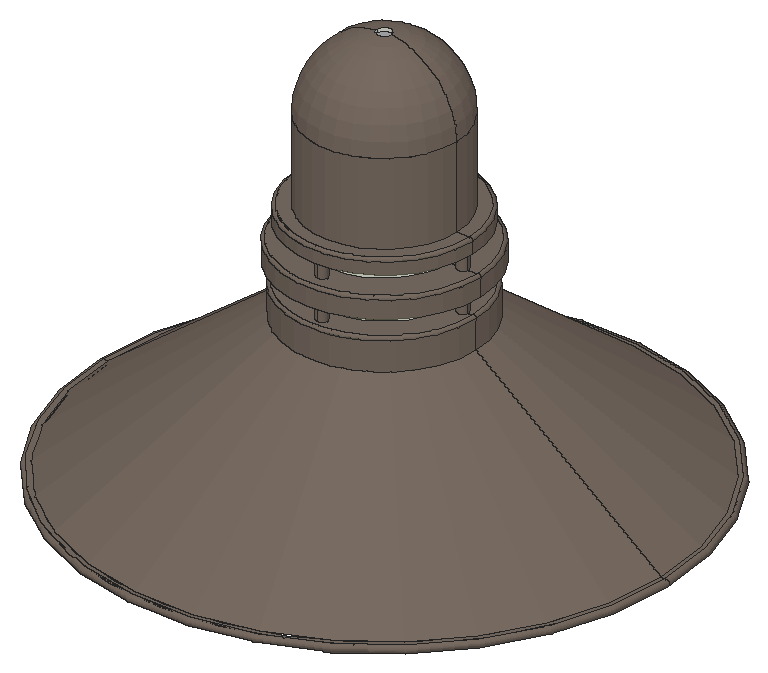
Revit family "L220 SHADE", category Lighting Fixtures, Revit 2024
Family settings
  Round Connector Dimension = Use Diameter
  Part Type = Normal
  OmniClass Number = 23.80.70.00
  OmniClass Title = Lighting
  Work Plane-Based = No
  Always vertical = Yes
  Cut with Voids When Loaded = No
  Light Source = Yes
  Maintain Annotation Orientation = No
  Shared = No
  Room Calculation Point = No
Parameters
  Wattage = 12.1178 W
  built-in parameter 1150110 = 1 (stored number, unit not read)
  built-in parameter 1114217 = 1 (stored number, unit not read)
  built-in parameter 1150109 = 1 (stored number, unit not read)
  built-in parameter 1150134 = (empty or 0)
  built-in parameter 1150113 = 1 (stored number, unit not read)
  Lumens = 1800 lm
  built-in parameter 1150115 = 1 (stored number, unit not read)
  built-in parameter 1150105 = 572.96 (stored number, unit not read)
  Light Source Symbol Size = 2' - 0"
  built-in parameter 1150137 = (empty or 0)
  built-in parameter 1150139 = (empty or 0)
  built-in parameter 1150112 = 1 (stored number, unit not read)
  built-in parameter 1150114 = 1 (stored number, unit not read)
  built-in parameter 1150132 = 2
  built-in parameter 1150102 = (empty or 0)
  built-in parameter 1150138 = (empty or 0)
  built-in parameter 1150107 = 3000 (stored number, unit not read)
  built-in parameter 1150106 = 5.7296 (stored number, unit not read)
  built-in parameter 1150104 = 13.8 (stored number, unit not read)
  Dimming Lamp Color Temperature Shift = (empty or 0)
  Default Elevation = 0' - 0"
  Color Filter = 16777215
  built-in parameter 1114218 = 1 (stored number, unit not read)
  built-in parameter 1150133 = 10 (stored number, unit not read)
Reference planes (in)
  plane 1 "Light Source Axis (F/B)": y = 0
  plane 2: z = 0
  plane 3 "Light Source Axis (L/R)": x = 0
  plane 4 "Light Source Elevation": z = 54
Forms (in)
  Revolve 1, solid
    sketch origin (0, 0, 0) x (1, 0, 0) y (0, 0, 1)
      loop
        line (-3.22625, 59.11336) -> (-9.70839, 54.25) -> (-9.875, 54.25)
        arc (-9.875, 54.25) -> (-9.97194, 54.04609) -> (-9.7526, 54.09963) r 0.125
        line (-9.7526, 54.09963) -> (-3.1325, 59.0665) -> (-3.1325, 60.09834) -> (-2.3099, 60.09834) -> (-2.3099, 60.19209) -> (-3.12625, 60.19209)
        arc (-3.12625, 60.19209) -> (-3.19696, 60.1628) -> (-3.22625, 60.09209) r 0.1
        line (-3.22625, 60.09209) -> (-3.22625, 59.11336)
      loop
        line (-3.38733, 60.85295) -> (-3.29358, 60.85295) -> (-3.29358, 61.4592) -> (-2.3099, 61.4592) -> (-2.3099, 61.55295) -> (-3.28733, 61.55295)
        arc (-3.28733, 61.55295) -> (-3.35804, 61.52366) -> (-3.38733, 61.45295) r 0.1
        line (-3.38733, 61.45295) -> (-3.38733, 60.85295)
      loop
        line (-3.1, 62.09583) -> (-3.00625, 62.09583) -> (-3.00625, 62.50208) -> (-2.45625, 62.50208) -> (-2.45625, 65.45)
        arc (-2.45625, 65.45) -> (-1.82308, 67.09607) -> (-0.25, 67.89349) r 2.45625
        line (-0.25, 67.89349) -> (-0.25, 67.98772)
        arc (-0.25, 67.98772) -> (-1.88944, 67.16245) -> (-2.55, 65.45) r 2.55
        line (-2.55, 65.45) -> (-2.55, 62.59583) -> (-3, 62.59583)
        arc (-3, 62.59583) -> (-3.07071, 62.56654) -> (-3.1, 62.49583) r 0.1
        line (-3.1, 62.49583) -> (-3.1, 62.09583)
      loop
        line (-2.1, 62.74098) -> (-2.1, 57.42083)
        arc (-2.1, 57.42083) -> (-1.48492, 55.93591) -> (0, 55.32083) r 2.1
        line (0, 55.32083) -> (0, 55.41458)
        arc (0, 55.41458) -> (-1.41863, 56.0022) -> (-2.00625, 57.42083) r 2.00625
        line (-2.00625, 57.42083) -> (-2.00625, 62.74098) -> (-2.1, 62.74098)
      axis (0, 67.98772) -> (0, 54.09963)
    angle from 0 to 360
  Sweep 2, solid
    path origin (0, 0, 1.90625) x (1, 0, 0) y (0, 0, 1)
      loop
        line (-2.75, 58.19209) -> (-2.75, 60.50208)
    profile origin (-2.75, 0, 61.25333) x (-1, 0, 0) y (0, -1, 0)
      loop
        circle (0, 0) r 0.1875
  Sweep 3, solid
    path origin (0, 0, 1.90625) x (0, -1, 0) y (0, 0, 1)
      loop
        line (-2.75, 58.19209) -> (-2.75, 60.50208)
    profile origin (0, 2.75, 61.25333) x (0, 1, 0) y (-1, 0, 0)
      loop
        circle (0, 0) r 0.1875
  Sweep 4, solid
    path origin (0, 0, 1.90625) x (0, 1, 0) y (0, 0, 1)
      loop
        line (-2.75, 58.19209) -> (-2.75, 60.50208)
    profile origin (0, -2.75, 61.25333) x (0, -1, 0) y (1, 0, 0)
      loop
        circle (0, 0) r 0.1875
  Sweep 5, solid
    path origin (0, 0, 1.90625) x (-1, 0, 0) y (0, 0, 1)
      loop
        line (-2.75, 58.19209) -> (-2.75, 60.50208)
    profile origin (2.75, 0, 61.25333) x (1, 0, 0) y (0, 1, 0)
      loop
        circle (0, 0) r 0.1875
Dimensions and locks (in)
  aligned and locked: plane 3 "Light Source Axis (L/R)" to imposter light
  aligned and locked: plane 1 "Light Source Axis (F/B)" to imposter light
  aligned and locked: plane 4 "Light Source Elevation" to imposter light
  aligned and locked: level to plane 2
